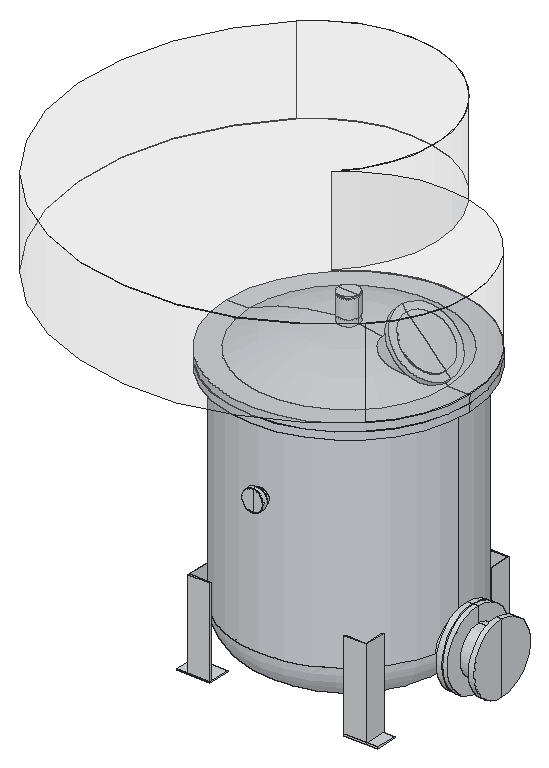
Revit family "Aquarevival_BSG60T", category Mechanical Equipment, Revit 2018
Family settings
  Round Connector Dimension = Use Diameter
  Part Type = Normal
  OmniClass Number = 23.75.00.00
  OmniClass Title = Climate Control (HVAC)
  Work Plane-Based = No
  Always vertical = Yes
  Cut with Voids When Loaded = No
  Shared = No
  Room Calculation Point = No
Parameters
  Panel Location (0-4) [instance] = 0
  Panel 4 [instance] = [Panel Location (0-4)] = 4  # no
  Panel 3 [instance] = [Panel Location (0-4)] = 3  # no
  Panel 2 [instance] = [Panel Location (0-4)] = 2  # no
  Panel 1 [instance] = not(or([Panel Location (0-4)] = 2, [Panel Location (0-4)] = 3, [Panel Location (0-4)] = 4, [Panel Location (0-4)] = 0))  # no
  Outlet = 1' - 0"
  Model = "BSG60T"
  Manufacturer = "Aqua Revival LLC"
  Keynote = ""
  Inlet = 1' - 0"
  Filter Discharge Rotation [instance] = 0.00°
  Filter Clearance Rotation [instance] = 0.00°
  Drain = 0' - 6"
  Description = "Regenerative Media Filter"
Reference planes (in)
  plane 1 "Center (Front/Back)": y = 0
  plane 2: z = 0
  plane 3 "Center (Left/Right)": x = 0
Forms (in)
  Revolve 1, solid
    sketch origin (0, 0, 12) x (1, 0, 0) y (0, 0, 1)
      loop
        line (-0.00004, -11.74395) -> (-0.00004, 79.11535) -> (-2.75, 79.11535) -> (-2.75, 78.90796)
        arc (-2.75, 78.90796) -> (-2.7402, 78.72177) -> (-2.75, 78.53557) r 1.77355
        line (-2.75, 78.53557) -> (-2.75, 73.55285)
        arc (-2.75, 73.55285) -> (-2.66107, 72.73452) -> (-2.75254, 71.91647) r 3.75596
        arc (-2.75254, 71.91647) -> (-15.22915, 69.9577) -> (-26.99139, 65.35855) r 58.3125
        line (-26.99139, 65.35855) -> (-33, 65.35855) -> (-33, 63.35855) -> (-32.83532, 63.35855) -> (-32.83532, 63.29604) -> (-33, 63.29604) -> (-33, 61.35855) -> (-30, 61.35855) -> (-30, 4.15913)
        arc (-30, 4.15913) -> (-28.64017, -0.92922) -> (-24.92327, -4.66086) r 10.2
        arc (-24.92327, -4.66086) -> (-12.90548, -9.76409) -> (-0.00004, -11.74395) r 52.5
      axis (0, 79.11535) -> (0, -11.74395)
    angle from 0 to 360
  Revolve 2, solid
    sketch origin (-19.98075, 0, 2.05319) x (1, 0, 0) y (0, 0, 1)
      loop
        line (-14.12767, 5.39286) -> (15.58828, 5.39286) -> (15.58828, 8.70536) -> (-13.12766, 8.70536) -> (-13.12766, 10.89286) -> (-14.12767, 10.89286) -> (-14.12767, 5.39286)
      axis (-14.12767, 5.39286) -> (15.58828, 5.39286)
    angle from 0 to 360
  Extrusion 3, solid
    sketch origin (-19.98075, 0, 2.05319) x (0, 1, 0) y (0, 0, 1)
      loop
        circle (0, 5.39286) r 4.25
    from -14.26766 to -14.12767
  Revolve 4, solid
    sketch origin (0, -73.24083, 8.85908) x (0, 1, 0) y (0, 0, 1)
      loop
        line (40.62187, 45.49946) -> (44.12187, 45.49946) -> (44.12187, 47.76786) -> (42.49057, 47.76786) -> (42.39687, 47.86156) -> (42.39687, 48.01786) -> (41.87187, 48.01786) -> (41.87187, 48.41208) -> (40.71557, 48.41208) -> (40.62187, 48.31823) -> (40.62187, 45.49946)
      axis (40.62187, 45.49946) -> (44.12187, 45.49946)
    angle from 0 to 360
  Extrusion 5, solid, visible <- "Panel 1"
    sketch origin (-11.71768, -16.28786, 19.49376) x (1, 0, 0) y (0, 1, 0)
      loop
        line (-26.32299, -12.86214) -> (-26.32299, -13.11014) -> (-27.35099, -13.11014) -> (-27.35099, -13.77514)
        arc (-27.35099, -13.77514) -> (-27.30413, -13.88828) -> (-27.19099, -13.93514) r 0.16
        line (-27.19099, -13.93514) -> (-11.87099, -13.93514)
        arc (-11.87099, -13.93514) -> (-11.76846, -13.89267) -> (-11.72599, -13.79014) r 0.145
        line (-11.72599, -13.79014) -> (-11.72599, -13.11014) -> (-12.65099, -13.11014) -> (-12.65099, -12.86215) -> (-11.62098, -12.86215)
        arc (-11.62098, -12.86215) -> (-11.51852, -12.81975) -> (-11.47597, -12.71735) r 0.14501
        line (-11.47597, -12.71735) -> (-11.47597, -7.00721)
        arc (-11.47597, -7.00721) -> (-11.51845, -6.90466) -> (-11.62101, -6.86218) r 0.14504
        line (-11.62101, -6.86218) -> (-27.331, -6.86218)
        arc (-27.331, -6.86218) -> (-27.43352, -6.90464) -> (-27.47598, -7.00716) r 0.14498
        line (-27.47598, -7.00716) -> (-27.47598, -12.71714)
        arc (-27.47598, -12.71714) -> (-27.43351, -12.81967) -> (-27.33099, -12.86214) r 0.145
        line (-27.33099, -12.86214) -> (-26.32299, -12.86214)
    from 35.1762 to 51.1012
  Extrusion 6, solid, visible <- "Panel 1"
    sketch origin (-11.73268, -16.28786, 19.49376) x (1, 0, 0) y (0, 1, 0)
      loop
        line (-27.47599, -6.86218) -> (-7.34809, -6.86218)
        arc (-7.34809, -6.86218) -> (-10.32001, -4.05124) -> (-12.8819, -0.86214) r 30
        line (-12.8819, -0.86214) -> (-27.47599, -0.86214) -> (-27.47599, -6.86218)
    from 50.9012 to 51.1012
  Extrusion 7, solid, visible <- "Panel 1"
    sketch origin (-11.73268, -16.28786, 19.49376) x (0, 1, 0) y (0, 0, 1)
      loop
        line (-6.86218, 50.9012) -> (-6.86218, 49.53074) -> (-6.61218, 49.53074) -> (-6.61218, 50.9012) -> (-6.86218, 50.9012)
    from -27.47599 to -7.27396
  Extrusion 8, solid, visible <- "Panel 1"
    sketch origin (-11.73268, -16.28786, 105.70043) x (0, 1, 0) y (0, 0, 1)
      loop
        line (-6.86218, -50.9012) -> (-6.61218, -50.9012) -> (-6.61218, -49.53074) -> (-6.86218, -49.53074) -> (-6.86218, -50.9012)
    from -27.47599 to -7.27396
  Revolve 9, solid, visible <- "Panel 1"
    sketch origin (-31.21974, -77.82885, 19.49376) x (0, -1, 0) y (0, 0, 1)
      loop
        line (-45.98085, 39.52627) -> (-45.98085, 40.27627)
        arc (-45.98085, 40.27627) -> (-46.1273, 40.62983) -> (-46.48085, 40.77627) r 0.5
        line (-46.48085, 40.77627) -> (-46.60585, 40.77627) -> (-46.60585, 40.02627) -> (-47.35585, 40.02627) -> (-47.35585, 40.10855) -> (-47.60585, 40.10855) -> (-47.60585, 39.52627) -> (-45.98085, 39.52627)
      axis (-47.60585, 39.52627) -> (-45.98085, 39.52627)
    angle from 0 to 360
  Extrusion 10, solid, visible <- "Panel 1"
    sketch origin (-11.73268, -16.28786, 3.69804) x (1, 0, 0) y (0, 1, 0)
      loop
        line (-27.47599, -6.86218) -> (-7.34809, -6.86218)
        arc (-7.34809, -6.86218) -> (-10.32001, -4.05124) -> (-12.8819, -0.86214) r 30
        line (-12.8819, -0.86214) -> (-27.47599, -0.86214) -> (-27.47599, -6.86218)
    from 50.9012 to 51.1012
  Extrusion 11, solid
    sketch origin (0, 0, 0) x (0, 1, 0) y (-1, 0, 0)
      loop
        line (18.21343, 27.21343) -> (18.21343, 18.21343) -> (24.21343, 18.21343) -> (24.21343, 27.21343) -> (18.21343, 27.21343)
      loop
        line (18.21343, -27.21343) -> (24.21343, -27.21343) -> (24.21343, -18.21343) -> (18.21343, -18.21343) -> (18.21343, -27.21343)
      loop
        line (-18.21343, -27.21343) -> (-18.21343, -18.21343) -> (-24.21343, -18.21343) -> (-24.21343, -27.21343) -> (-18.21343, -27.21343)
      loop
        line (-18.21343, 27.21343) -> (-24.21343, 27.21343) -> (-24.21343, 18.21343) -> (-18.21343, 18.21343) -> (-18.21343, 27.21343)
    from 0 to 0.25
  Extrusion 12, solid
    sketch origin (0, 0, 0) x (0, 1, 0) y (-1, 0, 0)
      loop
        line (-24.21343, 18.21343) -> (-23.96343, 18.21343) -> (-23.96343, 23.96343) -> (-18.21343, 23.96343) -> (-18.21343, 24.21343) -> (-24.21343, 24.21343) -> (-24.21343, 18.21343)
      loop
        line (-24.21343, -18.21343) -> (-24.21343, -24.21343) -> (-18.21343, -24.21343) -> (-18.21343, -23.96343) -> (-23.96343, -23.96343) -> (-23.96343, -18.21343) -> (-24.21343, -18.21343)
      loop
        line (24.21343, 18.21343) -> (24.21343, 24.21343) -> (18.21343, 24.21343) -> (18.21343, 23.96343) -> (23.96343, 23.96343) -> (23.96343, 18.21343) -> (24.21343, 18.21343)
      loop
        line (24.21343, -18.21343) -> (23.96343, -18.21343) -> (23.96343, -23.96343) -> (18.21343, -23.96343) -> (18.21343, -24.21343) -> (24.21343, -24.21343) -> (24.21343, -18.21343)
    from 0.25 to 24.25
  Revolve 13, solid
    sketch origin (0, 0, 0) x (1, 0, 0) y (0, 0, 1)
      loop
        line (41.61159, 16.35855) -> (41.61159, 25.85855) -> (40.23659, 25.85855) -> (40.23659, 22.73355) -> (35.25436, 22.73355) -> (35.25436, 26.85855) -> (33.87936, 26.85855) -> (33.87936, 26.76329) -> (33.80407, 26.76329) -> (33.80407, 26.85855) -> (32.27936, 26.85855) -> (32.27936, 23.35855) -> (25.61159, 23.35855) -> (25.61159, 16.35855) -> (41.61159, 16.35855)
      axis (41.61159, 16.35855) -> (25.61159, 16.35855)
    angle from 0 to 360
  Extrusion 14, solid, visible <- "Panel 2"
    sketch origin (11.71768, -16.28786, 19.49376) x (-1, 0, 0) y (0, -1, 0)
      loop
        line (-26.32299, 12.86214) -> (-27.33099, 12.86214)
        arc (-27.33099, 12.86214) -> (-27.43351, 12.81967) -> (-27.47598, 12.71714) r 0.145
        line (-27.47598, 12.71714) -> (-27.47598, 7.00716)
        arc (-27.47598, 7.00716) -> (-27.43352, 6.90464) -> (-27.331, 6.86218) r 0.14498
        line (-27.331, 6.86218) -> (-11.62101, 6.86218)
        arc (-11.62101, 6.86218) -> (-11.51845, 6.90466) -> (-11.47597, 7.00721) r 0.14504
        line (-11.47597, 7.00721) -> (-11.47597, 12.71735)
        arc (-11.47597, 12.71735) -> (-11.51852, 12.81975) -> (-11.62098, 12.86215) r 0.14501
        line (-11.62098, 12.86215) -> (-12.65099, 12.86215) -> (-12.65099, 13.11014) -> (-11.72599, 13.11014) -> (-11.72599, 13.79014)
        arc (-11.72599, 13.79014) -> (-11.76846, 13.89267) -> (-11.87099, 13.93514) r 0.145
        line (-11.87099, 13.93514) -> (-27.19099, 13.93514)
        arc (-27.19099, 13.93514) -> (-27.30413, 13.88828) -> (-27.35099, 13.77514) r 0.16
        line (-27.35099, 13.77514) -> (-27.35099, 13.11014) -> (-26.32299, 13.11014) -> (-26.32299, 12.86214)
    from 35.1762 to 51.1012
  Extrusion 15, solid, visible <- "Panel 2"
    sketch origin (11.73268, -16.28786, 19.49376) x (-1, 0, 0) y (0, -1, 0)
      loop
        line (-27.47599, 6.86218) -> (-27.47599, 0.86214) -> (-12.8819, 0.86214)
        arc (-12.8819, 0.86214) -> (-10.32001, 4.05124) -> (-7.34809, 6.86218) r 30
        line (-7.34809, 6.86218) -> (-27.47599, 6.86218)
    from 50.9012 to 51.1012
  Extrusion 16, solid, visible <- "Panel 2"
    sketch origin (11.73268, -16.28786, 19.49376) x (0, 1, 0) y (0, 0, -1)
      loop
        line (-6.86218, -50.9012) -> (-6.61218, -50.9012) -> (-6.61218, -49.53074) -> (-6.86218, -49.53074) -> (-6.86218, -50.9012)
    from -27.47599 to -7.27396
  Extrusion 17, solid, visible <- "Panel 2"
    sketch origin (11.73268, -16.28786, 105.70043) x (0, 1, 0) y (0, 0, -1)
      loop
        line (-6.86218, 50.9012) -> (-6.86218, 49.53074) -> (-6.61218, 49.53074) -> (-6.61218, 50.9012) -> (-6.86218, 50.9012)
    from -27.47599 to -7.27396
  Revolve 18, solid, visible <- "Panel 2"
    sketch origin (31.21974, -77.82885, 19.49376) x (0, -1, 0) y (0, 0, -1)
      loop
        line (-45.98085, -39.52627) -> (-47.60585, -39.52627) -> (-47.60585, -40.10855) -> (-47.35585, -40.10855) -> (-47.35585, -40.02627) -> (-46.60585, -40.02627) -> (-46.60585, -40.77627) -> (-46.48085, -40.77627)
        arc (-46.48085, -40.77627) -> (-46.1273, -40.62983) -> (-45.98085, -40.27627) r 0.5
        line (-45.98085, -40.27627) -> (-45.98085, -39.52627)
      axis (-47.60585, -39.52627) -> (-45.98085, -39.52627)
    angle from 0 to 360
  Extrusion 19, solid, visible <- "Panel 2"
    sketch origin (11.73268, -16.28786, 3.69804) x (-1, 0, 0) y (0, -1, 0)
      loop
        line (-27.47599, 6.86218) -> (-27.47599, 0.86214) -> (-12.8819, 0.86214)
        arc (-12.8819, 0.86214) -> (-10.32001, 4.05124) -> (-7.34809, 6.86218) r 30
        line (-7.34809, 6.86218) -> (-27.47599, 6.86218)
    from 50.9012 to 51.1012
  Extrusion 20, solid, visible <- "Panel 4"
    sketch origin (-11.71768, 16.28786, 19.49376) x (1, 0, 0) y (0, 1, 0)
      loop
        line (-26.32299, 12.86214) -> (-27.33099, 12.86214)
        arc (-27.33099, 12.86214) -> (-27.43351, 12.81967) -> (-27.47598, 12.71714) r 0.145
        line (-27.47598, 12.71714) -> (-27.47598, 7.00716)
        arc (-27.47598, 7.00716) -> (-27.43352, 6.90464) -> (-27.331, 6.86218) r 0.14498
        line (-27.331, 6.86218) -> (-11.62101, 6.86218)
        arc (-11.62101, 6.86218) -> (-11.51845, 6.90466) -> (-11.47597, 7.00721) r 0.14504
        line (-11.47597, 7.00721) -> (-11.47597, 12.71735)
        arc (-11.47597, 12.71735) -> (-11.51852, 12.81975) -> (-11.62098, 12.86215) r 0.14501
        line (-11.62098, 12.86215) -> (-12.65099, 12.86215) -> (-12.65099, 13.11014) -> (-11.72599, 13.11014) -> (-11.72599, 13.79014)
        arc (-11.72599, 13.79014) -> (-11.76846, 13.89267) -> (-11.87099, 13.93514) r 0.145
        line (-11.87099, 13.93514) -> (-27.19099, 13.93514)
        arc (-27.19099, 13.93514) -> (-27.30413, 13.88828) -> (-27.35099, 13.77514) r 0.16
        line (-27.35099, 13.77514) -> (-27.35099, 13.11014) -> (-26.32299, 13.11014) -> (-26.32299, 12.86214)
    from 35.1762 to 51.1012
  Extrusion 21, solid, visible <- "Panel 4"
    sketch origin (-11.73268, 16.28786, 19.49376) x (1, 0, 0) y (0, 1, 0)
      loop
        line (-27.47599, 6.86218) -> (-27.47599, 0.86214) -> (-12.8819, 0.86214)
        arc (-12.8819, 0.86214) -> (-10.32001, 4.05124) -> (-7.34809, 6.86218) r 30
        line (-7.34809, 6.86218) -> (-27.47599, 6.86218)
    from 50.9012 to 51.1012
  Extrusion 22, solid, visible <- "Panel 4"
    sketch origin (-11.73268, 16.28786, 19.49376) x (0, -1, 0) y (0, 0, -1)
      loop
        line (-6.86218, -50.9012) -> (-6.61218, -50.9012) -> (-6.61218, -49.53074) -> (-6.86218, -49.53074) -> (-6.86218, -50.9012)
    from -27.47599 to -7.27396
  Extrusion 23, solid, visible <- "Panel 4"
    sketch origin (-11.73268, 16.28786, 105.70043) x (0, -1, 0) y (0, 0, -1)
      loop
        line (-6.86218, 50.9012) -> (-6.86218, 49.53074) -> (-6.61218, 49.53074) -> (-6.61218, 50.9012) -> (-6.86218, 50.9012)
    from -27.47599 to -7.27396
  Revolve 24, solid, visible <- "Panel 4"
    sketch origin (-31.21974, 77.82885, 19.49376) x (0, 1, 0) y (0, 0, -1)
      loop
        line (-45.98085, -39.52627) -> (-47.60585, -39.52627) -> (-47.60585, -40.10855) -> (-47.35585, -40.10855) -> (-47.35585, -40.02627) -> (-46.60585, -40.02627) -> (-46.60585, -40.77627) -> (-46.48085, -40.77627)
        arc (-46.48085, -40.77627) -> (-46.1273, -40.62983) -> (-45.98085, -40.27627) r 0.5
        line (-45.98085, -40.27627) -> (-45.98085, -39.52627)
      axis (-47.60585, -39.52627) -> (-45.98085, -39.52627)
    angle from 0 to 360
  Extrusion 25, solid, visible <- "Panel 4"
    sketch origin (-11.73268, 16.28786, 3.69804) x (1, 0, 0) y (0, 1, 0)
      loop
        line (-27.47599, 6.86218) -> (-27.47599, 0.86214) -> (-12.8819, 0.86214)
        arc (-12.8819, 0.86214) -> (-10.32001, 4.05124) -> (-7.34809, 6.86218) r 30
        line (-7.34809, 6.86218) -> (-27.47599, 6.86218)
    from 50.9012 to 51.1012
  Extrusion 26, solid, visible <- "Panel 3"
    sketch origin (11.71768, 16.28786, 19.49376) x (-1, 0, 0) y (0, -1, 0)
      loop
        line (-26.32299, -12.86214) -> (-26.32299, -13.11014) -> (-27.35099, -13.11014) -> (-27.35099, -13.77514)
        arc (-27.35099, -13.77514) -> (-27.30413, -13.88828) -> (-27.19099, -13.93514) r 0.16
        line (-27.19099, -13.93514) -> (-11.87099, -13.93514)
        arc (-11.87099, -13.93514) -> (-11.76846, -13.89267) -> (-11.72599, -13.79014) r 0.145
        line (-11.72599, -13.79014) -> (-11.72599, -13.11014) -> (-12.65099, -13.11014) -> (-12.65099, -12.86215) -> (-11.62098, -12.86215)
        arc (-11.62098, -12.86215) -> (-11.51852, -12.81975) -> (-11.47597, -12.71735) r 0.14501
        line (-11.47597, -12.71735) -> (-11.47597, -7.00721)
        arc (-11.47597, -7.00721) -> (-11.51845, -6.90466) -> (-11.62101, -6.86218) r 0.14504
        line (-11.62101, -6.86218) -> (-27.331, -6.86218)
        arc (-27.331, -6.86218) -> (-27.43352, -6.90464) -> (-27.47598, -7.00716) r 0.14498
        line (-27.47598, -7.00716) -> (-27.47598, -12.71714)
        arc (-27.47598, -12.71714) -> (-27.43351, -12.81967) -> (-27.33099, -12.86214) r 0.145
        line (-27.33099, -12.86214) -> (-26.32299, -12.86214)
    from 35.1762 to 51.1012
  Extrusion 27, solid, visible <- "Panel 3"
    sketch origin (11.73268, 16.28786, 19.49376) x (-1, 0, 0) y (0, -1, 0)
      loop
        line (-27.47599, -6.86218) -> (-7.34809, -6.86218)
        arc (-7.34809, -6.86218) -> (-10.32001, -4.05124) -> (-12.8819, -0.86214) r 30
        line (-12.8819, -0.86214) -> (-27.47599, -0.86214) -> (-27.47599, -6.86218)
    from 50.9012 to 51.1012
  Extrusion 28, solid, visible <- "Panel 3"
    sketch origin (11.73268, 16.28786, 19.49376) x (0, -1, 0) y (0, 0, 1)
      loop
        line (-6.86218, 50.9012) -> (-6.86218, 49.53074) -> (-6.61218, 49.53074) -> (-6.61218, 50.9012) -> (-6.86218, 50.9012)
    from -27.47599 to -7.27396
  Extrusion 29, solid, visible <- "Panel 3"
    sketch origin (11.73268, 16.28786, 105.70043) x (0, -1, 0) y (0, 0, 1)
      loop
        line (-6.86218, -50.9012) -> (-6.61218, -50.9012) -> (-6.61218, -49.53074) -> (-6.86218, -49.53074) -> (-6.86218, -50.9012)
    from -27.47599 to -7.27396
  Revolve 30, solid, visible <- "Panel 3"
    sketch origin (31.21974, 77.82885, 19.49376) x (0, 1, 0) y (0, 0, 1)
      loop
        line (-45.98085, 39.52627) -> (-45.98085, 40.27627)
        arc (-45.98085, 40.27627) -> (-46.1273, 40.62983) -> (-46.48085, 40.77627) r 0.5
        line (-46.48085, 40.77627) -> (-46.60585, 40.77627) -> (-46.60585, 40.02627) -> (-47.35585, 40.02627) -> (-47.35585, 40.10855) -> (-47.60585, 40.10855) -> (-47.60585, 39.52627) -> (-45.98085, 39.52627)
      axis (-47.60585, 39.52627) -> (-45.98085, 39.52627)
    angle from 0 to 360
  Extrusion 31, solid, visible <- "Panel 3"
    sketch origin (11.73268, 16.28786, 3.69804) x (-1, 0, 0) y (0, -1, 0)
      loop
        line (-27.47599, -6.86218) -> (-7.34809, -6.86218)
        arc (-7.34809, -6.86218) -> (-10.32001, -4.05124) -> (-12.8819, -0.86214) r 30
        line (-12.8819, -0.86214) -> (-27.47599, -0.86214) -> (-27.47599, -6.86218)
    from 50.9012 to 51.1012
Cuts and joins
  joined: Revolve 1, Revolve 2, Revolve 4, Revolve 13
Lines and regions (in)
  reference lines
    curve 1: line (0, 0, 0) -> (19, 0, 0)
    curve 2: line (0, 0, 0) -> (0, 19, 0)
  model lines, visible <- "Panel 1"
    curve 3: line (-35.82207, -30.223, 67.95236) -> (-27.44381, -30.223, 67.95236)
    curve 4: line (-35.82207, -30.223, 62.23511) -> (-35.82207, -30.223, 67.95236)
    curve 5: line (-27.44381, -30.223, 62.23511) -> (-35.82207, -30.223, 62.23511)
    curve 6: line (-27.44381, -30.223, 67.95236) -> (-27.44381, -30.223, 62.23511)
    curve 7: line (-28.54239, -30.223, 63.34176) -> (-34.72349, -30.223, 63.34176)
    curve 8: line (-28.54239, -30.223, 66.8457) -> (-28.54239, -30.223, 63.34176)
    curve 9: line (-34.72349, -30.223, 66.8457) -> (-28.54239, -30.223, 66.8457)
    curve 10: line (-34.72349, -30.223, 63.34176) -> (-34.72349, -30.223, 66.8457)
    curve 11: arc (-25.69597, -30.223, 63.14385) -> (-26.24715, -30.223, 62.59266) -> (-25.69597, -30.223, 62.04148) r 0.55118
    curve 12: arc (-25.69597, -30.223, 62.04148) -> (-25.14479, -30.223, 62.59266) -> (-25.69597, -30.223, 63.14385) r 0.55118
    curve 13: arc (-25.69597, -30.223, 62.15959) -> (-25.2629, -30.223, 62.59266) -> (-25.69597, -30.223, 63.02574) r 0.43307
    curve 14: arc (-25.69597, -30.223, 63.02574) -> (-26.12904, -30.223, 62.59266) -> (-25.69597, -30.223, 62.15959) r 0.43307
    curve 15: arc (-25.69597, -30.223, 62.9214) -> (-26.02471, -30.223, 62.59266) -> (-25.69597, -30.223, 62.26392) r 0.32874
    curve 16: arc (-25.69597, -30.223, 62.26392) -> (-25.36723, -30.223, 62.59266) -> (-25.69597, -30.223, 62.9214) r 0.32874
    curve 17: line (-26.00607, -30.223, 62.64778) -> (-25.38587, -30.223, 62.64778)
    curve 18: line (-25.38587, -30.223, 62.53755) -> (-26.00607, -30.223, 62.53755)
  model lines, visible <- "Panel 2"
    curve 19: line (35.82207, -30.223, 67.95236) -> (27.44381, -30.223, 67.95236)
    curve 20: line (35.82207, -30.223, 62.23511) -> (35.82207, -30.223, 67.95236)
    curve 21: line (27.44381, -30.223, 62.23511) -> (35.82207, -30.223, 62.23511)
    curve 22: line (27.44381, -30.223, 67.95236) -> (27.44381, -30.223, 62.23511)
    curve 23: line (28.54239, -30.223, 63.34176) -> (34.72349, -30.223, 63.34176)
    curve 24: line (28.54239, -30.223, 66.8457) -> (28.54239, -30.223, 63.34176)
    curve 25: line (34.72349, -30.223, 66.8457) -> (28.54239, -30.223, 66.8457)
    curve 26: line (34.72349, -30.223, 63.34176) -> (34.72349, -30.223, 66.8457)
    curve 27: arc (25.69597, -30.223, 63.14385) -> (26.24715, -30.223, 62.59266) -> (25.69597, -30.223, 62.04148) r 0.55118
    curve 28: arc (25.69597, -30.223, 62.04148) -> (25.14479, -30.223, 62.59266) -> (25.69597, -30.223, 63.14385) r 0.55118
    curve 29: arc (25.69597, -30.223, 62.15959) -> (25.2629, -30.223, 62.59266) -> (25.69597, -30.223, 63.02574) r 0.43307
    curve 30: arc (25.69597, -30.223, 63.02574) -> (26.12904, -30.223, 62.59266) -> (25.69597, -30.223, 62.15959) r 0.43307
    curve 31: arc (25.69597, -30.223, 62.9214) -> (26.02471, -30.223, 62.59266) -> (25.69597, -30.223, 62.26392) r 0.32874
    curve 32: arc (25.69597, -30.223, 62.26392) -> (25.36723, -30.223, 62.59266) -> (25.69597, -30.223, 62.9214) r 0.32874
    curve 33: line (26.00607, -30.223, 62.64778) -> (25.38587, -30.223, 62.64778)
    curve 34: line (25.38587, -30.223, 62.53755) -> (26.00607, -30.223, 62.53755)
  model lines, visible <- "Panel 4"
    curve 35: line (-35.82207, 30.223, 67.95236) -> (-27.44381, 30.223, 67.95236)
    curve 36: line (-35.82207, 30.223, 62.23511) -> (-35.82207, 30.223, 67.95236)
    curve 37: line (-27.44381, 30.223, 62.23511) -> (-35.82207, 30.223, 62.23511)
    curve 38: line (-27.44381, 30.223, 67.95236) -> (-27.44381, 30.223, 62.23511)
    curve 39: line (-28.54239, 30.223, 63.34176) -> (-34.72349, 30.223, 63.34176)
    curve 40: line (-28.54239, 30.223, 66.8457) -> (-28.54239, 30.223, 63.34176)
    curve 41: line (-34.72349, 30.223, 66.8457) -> (-28.54239, 30.223, 66.8457)
    curve 42: line (-34.72349, 30.223, 63.34176) -> (-34.72349, 30.223, 66.8457)
    curve 43: arc (-25.69597, 30.223, 63.14385) -> (-26.24715, 30.223, 62.59266) -> (-25.69597, 30.223, 62.04148) r 0.55118
    curve 44: arc (-25.69597, 30.223, 62.04148) -> (-25.14479, 30.223, 62.59266) -> (-25.69597, 30.223, 63.14385) r 0.55118
    curve 45: arc (-25.69597, 30.223, 62.15959) -> (-25.2629, 30.223, 62.59266) -> (-25.69597, 30.223, 63.02574) r 0.43307
    curve 46: arc (-25.69597, 30.223, 63.02574) -> (-26.12904, 30.223, 62.59266) -> (-25.69597, 30.223, 62.15959) r 0.43307
    curve 47: arc (-25.69597, 30.223, 62.9214) -> (-26.02471, 30.223, 62.59266) -> (-25.69597, 30.223, 62.26392) r 0.32874
    curve 48: arc (-25.69597, 30.223, 62.26392) -> (-25.36723, 30.223, 62.59266) -> (-25.69597, 30.223, 62.9214) r 0.32874
    curve 49: line (-26.00607, 30.223, 62.64778) -> (-25.38587, 30.223, 62.64778)
    curve 50: line (-25.38587, 30.223, 62.53755) -> (-26.00607, 30.223, 62.53755)
  model lines, visible <- "Panel 3"
    curve 51: line (35.82207, 30.223, 67.95236) -> (27.44381, 30.223, 67.95236)
    curve 52: line (35.82207, 30.223, 62.23511) -> (35.82207, 30.223, 67.95236)
    curve 53: line (27.44381, 30.223, 62.23511) -> (35.82207, 30.223, 62.23511)
    curve 54: line (27.44381, 30.223, 67.95236) -> (27.44381, 30.223, 62.23511)
    curve 55: line (28.54239, 30.223, 63.34176) -> (34.72349, 30.223, 63.34176)
    curve 56: line (28.54239, 30.223, 66.8457) -> (28.54239, 30.223, 63.34176)
    curve 57: line (34.72349, 30.223, 66.8457) -> (28.54239, 30.223, 66.8457)
    curve 58: line (34.72349, 30.223, 63.34176) -> (34.72349, 30.223, 66.8457)
    curve 59: arc (25.69597, 30.223, 63.14385) -> (26.24715, 30.223, 62.59266) -> (25.69597, 30.223, 62.04148) r 0.55118
    curve 60: arc (25.69597, 30.223, 62.04148) -> (25.14479, 30.223, 62.59266) -> (25.69597, 30.223, 63.14385) r 0.55118
    curve 61: arc (25.69597, 30.223, 62.15959) -> (25.2629, 30.223, 62.59266) -> (25.69597, 30.223, 63.02574) r 0.43307
    curve 62: arc (25.69597, 30.223, 63.02574) -> (26.12904, 30.223, 62.59266) -> (25.69597, 30.223, 62.15959) r 0.43307
    curve 63: arc (25.69597, 30.223, 62.9214) -> (26.02471, 30.223, 62.59266) -> (25.69597, 30.223, 62.26392) r 0.32874
    curve 64: arc (25.69597, 30.223, 62.26392) -> (25.36723, 30.223, 62.59266) -> (25.69597, 30.223, 62.9214) r 0.32874
    curve 65: line (26.00607, 30.223, 62.64778) -> (25.38587, 30.223, 62.64778)
    curve 66: line (25.38587, 30.223, 62.53755) -> (26.00607, 30.223, 62.53755)
Dimensions and locks (in)
  "Filter Discharge Rotation": angle plane 1 "Center (Front/Back)" to curve 1
  "Filter Clearance Rotation": angle curve 2 to plane 3 "Center (Left/Right)"
  aligned and locked: level to plane 2
  aligned and locked: plane 3 "Center (Left/Right)" to curve 2
  aligned and locked: plane 1 "Center (Front/Back)" to curve 2
Automatic sketch dimensions
  Revolve 1 sketch curve to plane 3 "Center (Left/Right)" = 0' - 0"  (x2)
  Revolve 1 sketch curve to Revolve 1 sketch curve = 0' - 0.16468"  (x2)
  Revolve 1 sketch curve to plane 3 "Center (Left/Right)" = 0' - 4.51375"
  Revolve 1 sketch curve to Revolve 1 sketch curve = 0' - 1.76375"
  Revolve 1 sketch curve to Revolve 1 sketch curve = 0' - 0"  (x3)
  Revolve 1 sketch curve to plane 3 "Center (Left/Right)" = 0' - 0.00004"
  plane 3 "Center (Left/Right)" to Revolve 1 sketch curve = 0' - 1.4465"
  level to Revolve 1 sketch curve = 0' - 0.25605"
  Revolve 1 sketch curve to Revolve 1 sketch curve = 2' - 1.41292"
  level to Revolve 1 sketch curve = 1' - 4.15913"
  Revolve 1 sketch curve to Revolve 1 sketch curve = 2' - 3.06715"
  Revolve 1 sketch curve to Revolve 1 sketch curve = 1' - 8.62243"
  Revolve 1 sketch curve to Revolve 1 sketch curve = 0' - 1 15/16"
  Revolve 1 sketch curve to Revolve 1 sketch curve = 0' - 0 1/16"
  Revolve 1 sketch curve to Revolve 1 sketch curve = 0' - 2"
  Revolve 1 sketch curve to Revolve 1 sketch curve = 2' - 8.00424"
  Revolve 1 sketch curve to Revolve 1 sketch curve = 0' - 0 13/16"
  Revolve 1 sketch curve to Revolve 1 sketch curve = 0' - 4.98272"
  Revolve 1 sketch curve to Revolve 1 sketch curve = 0' - 0.18619"
  Revolve 1 sketch curve to Revolve 1 sketch curve = 0' - 0.20739"
  Revolve 1 sketch curve to Revolve 1 sketch curve = 1' - 4.34889"
  Revolve 1 sketch curve to Revolve 1 sketch curve = 0' - 10"
  Revolve 2 sketch curve to Revolve 2 sketch curve = 0' - 1"
  Revolve 2 sketch curve to plane 3 "Center (Left/Right)" = 0' - 4.39247"
  level to Revolve 2 sketch curve = 0' - 7.44605"
  Revolve 2 sketch curve to Revolve 2 sketch curve = 0' - 3 5/16"
  Revolve 2 sketch curve to Revolve 2 sketch curve = 0' - 2 3/16"
  Revolve 2 sketch curve to Revolve 2 sketch curve = 0' - 2 1/4"
  Revolve 2 sketch curve to Revolve 2 sketch curve = 0' - 0"
  Extrusion 3 sketch curve to plane 1 "Center (Front/Back)" = 0' - 0"
  level to Extrusion 3 sketch curve = 0' - 7.44605"
  plane 1 "Center (Front/Back)" to Revolve 4 sketch curve = 2' - 8.61896"
  Revolve 4 sketch curve to Revolve 4 sketch curve = 0' - 0.0937"  (x4)
  Revolve 4 sketch curve to Revolve 4 sketch curve = 0' - 1.1563"
  Revolve 4 sketch curve to Revolve 4 sketch curve = 0' - 0.525"
  Revolve 4 sketch curve to Revolve 4 sketch curve = 0' - 1.6313"
  level to Revolve 4 sketch curve = 4' - 6.35855"
  Revolve 4 sketch curve to Revolve 4 sketch curve = 0' - 2.26839"
  Revolve 4 sketch curve to Revolve 4 sketch curve = 0' - 0.1563"
  Revolve 4 sketch curve to Revolve 4 sketch curve = 0' - 0.30037"
  Revolve 4 sketch curve to Revolve 4 sketch curve = 0' - 0.09385"
  Revolve 4 sketch curve to Revolve 4 sketch curve = 0' - 1"
  Revolve 4 sketch curve to Revolve 4 sketch curve = 0' - 0"
  Extrusion 5 sketch curve to Extrusion 5 sketch curve = 0' - 0 1/8"
  Extrusion 5 sketch curve to Extrusion 5 sketch curve = 0' - 0.14498"
  Extrusion 5 sketch curve to Extrusion 5 sketch curve = 0' - 0.145"  (x2)
  Extrusion 5 sketch curve to Extrusion 5 sketch curve = 0' - 0.16"
  Extrusion 5 sketch curve to Extrusion 5 sketch curve = 0' - 1.028"
  Extrusion 5 sketch curve to Extrusion 5 sketch curve = 0' - 0.78"
  Extrusion 5 sketch curve to Extrusion 5 sketch curve = 0' - 1.02998"
  Extrusion 5 sketch curve to Extrusion 5 sketch curve = 0' - 0.10501"
  Extrusion 5 sketch curve to Extrusion 5 sketch curve = 0' - 0.14501"
  plane 1 "Center (Front/Back)" to Extrusion 5 sketch curve = 2' - 6.223"
  Extrusion 5 sketch curve to Extrusion 5 sketch curve = 0' - 0.665"
  Extrusion 5 sketch curve to Extrusion 5 sketch curve = 0' - 0.68"
  Extrusion 5 sketch curve to Extrusion 5 sketch curve = 0' - 0.24799"
  Extrusion 5 sketch curve to Extrusion 5 sketch curve = 0' - 0.248"
  Extrusion 5 sketch curve to Extrusion 5 sketch curve = 0' - 0.14479"
  Extrusion 5 sketch curve to Extrusion 5 sketch curve = 0' - 5.70992"
  plane 1 "Center (Front/Back)" to Extrusion 6 sketch curve = 0' - 0"
  Extrusion 6 sketch curve to plane 3 "Center (Left/Right)" = 0' - 0"
  plane 1 "Center (Front/Back)" to Extrusion 6 sketch curve = 1' - 5.15"
  plane 1 "Center (Front/Back)" to Extrusion 7 sketch curve = 1' - 11.15004"
  Extrusion 7 sketch curve to Extrusion 7 sketch curve = 0' - 0 1/4"
  level to Extrusion 7 sketch curve = 5' - 9.02451"
  Extrusion 7 sketch curve to Extrusion 7 sketch curve = 0' - 1.37046"
  Extrusion 8 sketch curve to plane 1 "Center (Front/Back)" = 1' - 11.15004"
  Extrusion 8 sketch curve to Extrusion 8 sketch curve = 0' - 0 1/4"
  Extrusion 8 sketch curve to level = 4' - 8.16969"
  Extrusion 8 sketch curve to Extrusion 8 sketch curve = 0' - 1.37046"
  plane 1 "Center (Front/Back)" to Revolve 9 sketch curve = 2' - 6.223"
  Revolve 9 sketch curve to Revolve 9 sketch curve = 0' - 0 1/4"  (x2)
  Revolve 9 sketch curve to Revolve 9 sketch curve = 0' - 0 3/4"
  Revolve 9 sketch curve to Revolve 9 sketch curve = 0' - 0 1/8"
  Revolve 9 sketch curve to Revolve 9 sketch curve = 0' - 0 5/8"
  level to Revolve 9 sketch curve = 4' - 11.02004"
  Revolve 9 sketch curve to Revolve 9 sketch curve = 0' - 0 1/2"  (x2)
  Revolve 9 sketch curve to Revolve 9 sketch curve = 0' - 0.08228"
  Revolve 9 sketch curve to Revolve 9 sketch curve = 0' - 0.57774"
  Revolve 9 sketch curve to Revolve 9 sketch curve = 0' - 0"  (x4)
  Revolve 9 sketch curve to Revolve 9 sketch curve = 0' - 0.35941"
  curve 11 to curve 12 = 0' - 0"  (x2)
  curve 11 to curve 13 = 0' - 0"  (x2)
  curve 11 to curve 14 = 0' - 0"  (x2)
  curve 11 to curve 15 = 0' - 0"  (x2)
  curve 11 to curve 16 = 0' - 0"  (x2)
  curve 12 to curve 13 = 0' - 0"  (x2)
  curve 12 to curve 14 = 0' - 0"  (x2)
  curve 12 to curve 15 = 0' - 0"  (x2)
  curve 12 to curve 16 = 0' - 0"  (x2)
  curve 13 to curve 14 = 0' - 0"  (x2)
  curve 13 to curve 15 = 0' - 0"  (x2)
  curve 13 to curve 16 = 0' - 0"  (x2)
  curve 14 to curve 15 = 0' - 0"  (x2)
  curve 14 to curve 16 = 0' - 0"  (x2)
  curve 15 to curve 16 = 0' - 0"  (x2)
  Extrusion 5 to curve 5 = 0' - 3.08661"
  curve 3 to curve 9 = 0' - 1.09858"
  curve 9 to Extrusion 5 = 0' - 4.95372"
  curve 7 to curve 5 = 0' - 1.09858"
  curve 5 to curve 13 = 0' - 1.74784"
  Extrusion 5 to curve 5 = 0' - 7.56514"
  curve 5 to curve 13 = 0' - 0.35756"
  curve 5 to curve 7 = 0' - 1.10666"
  curve 7 to curve 10 = 0' - 3.50394"
  curve 9 to curve 4 = 0' - 1.10666"
  curve 17 to curve 11 = 0' - 0.3101"
  curve 17 to curve 18 = 0' - 0"  (x2)
  curve 13 to curve 18 = 0' - 0.3101"
  curve 13 to curve 11 = 0' - 0.43307"
  curve 12 to curve 13 = 0' - 0.11811"
  curve 13 to curve 16 = 0' - 0.10433"
  curve 18 to curve 11 = 0' - 0.05512"
  curve 18 to curve 17 = 0' - 0.11024"
  plane 1 "Center (Front/Back)" to Extrusion 10 sketch curve = 0' - 0"
  Extrusion 10 sketch curve to plane 3 "Center (Left/Right)" = 0' - 0"
  plane 1 "Center (Front/Back)" to Extrusion 10 sketch curve = 1' - 5.15"
  Extrusion 12 sketch curve to curve 2 = 2' - 0.21343"  (x3)
  Extrusion 12 sketch curve to Extrusion 12 sketch curve = 0' - 0 1/4"  (x8)
  Extrusion 12 sketch curve to Extrusion 12 sketch curve = 0' - 5 3/4"  (x4)
  Extrusion 12 sketch curve to curve 2 = 0' - 0.78657"  (x2)
  curve 2 to Extrusion 12 sketch curve = 0' - 4.96343"  (x2)
  curve 2 to Extrusion 12 sketch curve = 2' - 0.21343"
  Extrusion 12 sketch curve to curve 2 = 1' - 6.21343"  (x2)
  curve 2 to Extrusion 12 sketch curve = 1' - 6.21343"
  curve 2 to Extrusion 12 sketch curve = 1' - 11.96343"
  plane 3 "Center (Left/Right)" to Revolve 13 sketch curve = 2' - 1.61159"
  Revolve 13 sketch curve to Revolve 13 sketch curve = 0' - 6.66777"  (x2)
  Revolve 13 sketch curve to Revolve 13 sketch curve = 0' - 1.52471"
  Revolve 13 sketch curve to Revolve 13 sketch curve = 0' - 0.07529"
  Revolve 13 sketch curve to Revolve 13 sketch curve = 0' - 1 3/8"  (x2)
  Revolve 13 sketch curve to Revolve 13 sketch curve = 0' - 4.98223"
  level to Revolve 13 sketch curve = 1' - 4.35855"
  Revolve 13 sketch curve to Revolve 13 sketch curve = 0' - 6 3/8"
  Revolve 13 sketch curve to Revolve 13 sketch curve = 0' - 7"
  Revolve 13 sketch curve to Revolve 13 sketch curve = 0' - 3 1/8"
  Revolve 13 sketch curve to Revolve 13 sketch curve = 0' - 3.40475"
  Revolve 13 sketch curve to Revolve 13 sketch curve = 0' - 0.09525"
  Revolve 13 sketch curve to Revolve 13 sketch curve = 0' - 0"  (x2)
  Revolve 13 sketch curve to Revolve 13 sketch curve = 0' - 3 1/2"
  plane 1 "Center (Front/Back)" to Extrusion 14 sketch curve = 1' - 11.29502"
  plane 3 "Center (Left/Right)" to Extrusion 14 sketch curve = 3' - 3.19366"
  Extrusion 14 sketch curve to Extrusion 14 sketch curve = 0' - 0 1/8"
  Extrusion 14 sketch curve to Extrusion 14 sketch curve = 0' - 0.14498"
  Extrusion 14 sketch curve to Extrusion 14 sketch curve = 0' - 0.145"  (x2)
  Extrusion 14 sketch curve to Extrusion 14 sketch curve = 0' - 0.16"
  Extrusion 14 sketch curve to Extrusion 14 sketch curve = 0' - 1.028"
  Extrusion 14 sketch curve to Extrusion 14 sketch curve = 1' - 1.672"
  Extrusion 14 sketch curve to Extrusion 14 sketch curve = 0' - 0.78"
  Extrusion 14 sketch curve to Extrusion 14 sketch curve = 0' - 1.02998"
  Extrusion 14 sketch curve to Extrusion 14 sketch curve = 0' - 0.10501"
  Extrusion 14 sketch curve to Extrusion 14 sketch curve = 0' - 0.14501"
  Extrusion 14 sketch curve to Extrusion 14 sketch curve = 0' - 5.70992"
  Extrusion 14 sketch curve to Extrusion 14 sketch curve = 0' - 5.70998"
  Extrusion 14 sketch curve to Extrusion 14 sketch curve = 0' - 0.00021"
  Extrusion 14 sketch curve to Extrusion 14 sketch curve = 0' - 0.248"
  Extrusion 14 sketch curve to Extrusion 14 sketch curve = 0' - 0.24799"
  Extrusion 14 sketch curve to Extrusion 14 sketch curve = 0' - 0.665"
  plane 1 "Center (Front/Back)" to Extrusion 15 sketch curve = 0' - 0"
  Extrusion 15 sketch curve to plane 3 "Center (Left/Right)" = 0' - 0"
  plane 3 "Center (Left/Right)" to Extrusion 15 sketch curve = 1' - 7.08077"
  Extrusion 15 sketch curve to Extrusion 15 sketch curve = 0' - 5.53381"
  Extrusion 15 sketch curve to Extrusion 15 sketch curve = 1' - 2.59409"
  plane 1 "Center (Front/Back)" to Extrusion 15 sketch curve = 1' - 5.15"
  plane 1 "Center (Front/Back)" to Extrusion 16 sketch curve = 1' - 11.15004"
  Extrusion 16 sketch curve to Extrusion 16 sketch curve = 0' - 0 1/4"
  level to Extrusion 16 sketch curve = 5' - 10.39496"
  Extrusion 16 sketch curve to Extrusion 16 sketch curve = 0' - 1.37046"
  plane 1 "Center (Front/Back)" to Extrusion 17 sketch curve = 1' - 11.15004"
  Extrusion 17 sketch curve to Extrusion 17 sketch curve = 0' - 0 1/4"
  level to Extrusion 17 sketch curve = 4' - 8.16969"
  Extrusion 17 sketch curve to Extrusion 17 sketch curve = 0' - 1.37046"
  plane 1 "Center (Front/Back)" to Revolve 18 sketch curve = 2' - 6.223"
  Revolve 18 sketch curve to Revolve 18 sketch curve = 0' - 0 1/4"  (x2)
  Revolve 18 sketch curve to Revolve 18 sketch curve = 0' - 0 3/4"  (x2)
  Revolve 18 sketch curve to Revolve 18 sketch curve = 0' - 0 1/8"
  Revolve 18 sketch curve to Revolve 18 sketch curve = 0' - 0 5/8"
  level to Revolve 18 sketch curve = 5' - 0.27004"
  Revolve 18 sketch curve to Revolve 18 sketch curve = 0' - 0 1/2"
  Revolve 18 sketch curve to Revolve 18 sketch curve = 0' - 0.16772"
  Revolve 18 sketch curve to Revolve 18 sketch curve = 0' - 0.57774"
  Revolve 18 sketch curve to Revolve 18 sketch curve = 0' - 0"  (x4)
  Revolve 18 sketch curve to Revolve 18 sketch curve = 0' - 0.35941"
  curve 27 to curve 28 = 0' - 0"  (x2)
  curve 27 to curve 29 = 0' - 0"  (x2)
  curve 27 to curve 30 = 0' - 0"  (x2)
  curve 27 to curve 31 = 0' - 0"  (x2)
  curve 27 to curve 32 = 0' - 0"  (x2)
  curve 28 to curve 29 = 0' - 0"  (x2)
  curve 28 to curve 30 = 0' - 0"  (x2)
  curve 28 to curve 31 = 0' - 0"  (x2)
  curve 28 to curve 32 = 0' - 0"  (x2)
  curve 29 to curve 30 = 0' - 0"  (x2)
  curve 29 to curve 31 = 0' - 0"  (x2)
  curve 29 to curve 32 = 0' - 0"  (x2)
  curve 30 to curve 31 = 0' - 0"  (x2)
  curve 30 to curve 32 = 0' - 0"  (x2)
  curve 31 to curve 32 = 0' - 0"  (x2)
  Extrusion 14 to curve 21 = 0' - 3.08661"
  curve 19 to curve 25 = 0' - 1.09858"
  curve 25 to Extrusion 14 = 0' - 4.95372"
  curve 23 to curve 21 = 0' - 1.09858"
  curve 21 to curve 29 = 0' - 1.74784"
  Extrusion 14 to curve 19 = 0' - 2.6426"
  curve 19 to curve 25 = 0' - 1.10666"
  curve 25 to curve 23 = 0' - 3.50394"
  curve 23 to curve 31 = 0' - 0.7491"
  curve 23 to curve 22 = 0' - 1.10666"
  curve 33 to curve 27 = 0' - 0.3101"
  curve 33 to curve 34 = 0' - 0"  (x2)
  curve 29 to curve 34 = 0' - 0.3101"
  curve 27 to curve 27 = 0' - 0.55118"
  curve 27 to curve 30 = 0' - 0.11811"
  curve 29 to curve 31 = 0' - 0.10433"
  curve 33 to curve 27 = 0' - 0.05512"
  curve 33 to curve 34 = 0' - 0.11024"
  plane 1 "Center (Front/Back)" to Extrusion 19 sketch curve = 0' - 0"
  Extrusion 19 sketch curve to plane 3 "Center (Left/Right)" = 0' - 0"
  plane 3 "Center (Left/Right)" to Extrusion 19 sketch curve = 1' - 7.08077"
  Extrusion 19 sketch curve to Extrusion 19 sketch curve = 0' - 5.53381"
  Extrusion 19 sketch curve to Extrusion 19 sketch curve = 1' - 2.59409"
  plane 1 "Center (Front/Back)" to Extrusion 19 sketch curve = 1' - 5.15"
  Extrusion 20 sketch curve to Extrusion 20 sketch curve = 0' - 0 1/8"
  Extrusion 20 sketch curve to Extrusion 20 sketch curve = 0' - 0.14498"
  Extrusion 20 sketch curve to Extrusion 20 sketch curve = 0' - 0.145"  (x2)
  Extrusion 20 sketch curve to Extrusion 20 sketch curve = 0' - 0.16"
  Extrusion 20 sketch curve to Extrusion 20 sketch curve = 0' - 1.028"
  Extrusion 20 sketch curve to Extrusion 20 sketch curve = 0' - 0.78"
  Extrusion 20 sketch curve to Extrusion 20 sketch curve = 0' - 1.02998"
  Extrusion 20 sketch curve to Extrusion 20 sketch curve = 0' - 0.10501"
  Extrusion 20 sketch curve to Extrusion 20 sketch curve = 0' - 0.14501"
  Extrusion 20 sketch curve to plane 1 "Center (Front/Back)" = 1' - 11.15004"
  Extrusion 20 sketch curve to Extrusion 20 sketch curve = 0' - 5.70992"
  Extrusion 20 sketch curve to Extrusion 20 sketch curve = 0' - 5.70998"
  Extrusion 20 sketch curve to Extrusion 20 sketch curve = 0' - 0.00021"
  Extrusion 20 sketch curve to Extrusion 20 sketch curve = 0' - 0.248"
  Extrusion 20 sketch curve to Extrusion 20 sketch curve = 0' - 0.24799"
  Extrusion 20 sketch curve to Extrusion 20 sketch curve = 0' - 0.665"
  plane 1 "Center (Front/Back)" to Extrusion 21 sketch curve = 0' - 0"
  Extrusion 21 sketch curve to plane 3 "Center (Left/Right)" = 0' - 0"
  Extrusion 21 sketch curve to plane 1 "Center (Front/Back)" = 1' - 5.15"
  Extrusion 22 sketch curve to plane 1 "Center (Front/Back)" = 1' - 11.15004"
  Extrusion 22 sketch curve to Extrusion 22 sketch curve = 0' - 0 1/4"
  level to Extrusion 22 sketch curve = 5' - 10.39496"
  Extrusion 22 sketch curve to Extrusion 22 sketch curve = 0' - 1.37046"
  Extrusion 23 sketch curve to plane 1 "Center (Front/Back)" = 1' - 11.15004"
  Extrusion 23 sketch curve to Extrusion 23 sketch curve = 0' - 0 1/4"
  level to Extrusion 23 sketch curve = 4' - 8.16969"
  Extrusion 23 sketch curve to Extrusion 23 sketch curve = 0' - 1.37046"
  Revolve 24 sketch curve to plane 1 "Center (Front/Back)" = 2' - 6.223"
  Revolve 24 sketch curve to Revolve 24 sketch curve = 0' - 0 1/4"  (x2)
  Revolve 24 sketch curve to Revolve 24 sketch curve = 0' - 0 3/4"  (x2)
  Revolve 24 sketch curve to Revolve 24 sketch curve = 0' - 0 1/8"
  Revolve 24 sketch curve to Revolve 24 sketch curve = 0' - 0 5/8"
  level to Revolve 24 sketch curve = 5' - 0.27004"
  Revolve 24 sketch curve to Revolve 24 sketch curve = 0' - 0 1/2"
  Revolve 24 sketch curve to Revolve 24 sketch curve = 0' - 0.16772"
  Revolve 24 sketch curve to Revolve 24 sketch curve = 0' - 0.57774"
  Revolve 24 sketch curve to Revolve 24 sketch curve = 0' - 0"  (x4)
  Revolve 24 sketch curve to Revolve 24 sketch curve = 0' - 0.35941"
  curve 43 to curve 44 = 0' - 0"  (x2)
  curve 43 to curve 45 = 0' - 0"  (x2)
  curve 43 to curve 46 = 0' - 0"  (x2)
  curve 43 to curve 47 = 0' - 0"  (x2)
  curve 43 to curve 48 = 0' - 0"  (x2)
  curve 44 to curve 45 = 0' - 0"  (x2)
  curve 44 to curve 46 = 0' - 0"  (x2)
  curve 44 to curve 47 = 0' - 0"  (x2)
  curve 44 to curve 48 = 0' - 0"  (x2)
  curve 45 to curve 46 = 0' - 0"  (x2)
  curve 45 to curve 47 = 0' - 0"  (x2)
  curve 45 to curve 48 = 0' - 0"  (x2)
  curve 46 to curve 47 = 0' - 0"  (x2)
  curve 46 to curve 48 = 0' - 0"  (x2)
  curve 47 to curve 48 = 0' - 0"  (x2)
  Extrusion 20 to curve 37 = 0' - 3.08661"
  curve 35 to curve 41 = 0' - 1.09858"
  curve 41 to Extrusion 20 = 0' - 4.95372"
  curve 39 to curve 37 = 0' - 1.09858"
  curve 37 to curve 45 = 0' - 1.74784"
  Extrusion 20 to curve 35 = 0' - 2.6426"
  curve 35 to curve 41 = 0' - 1.10666"
  curve 41 to curve 39 = 0' - 3.50394"
  curve 39 to curve 47 = 0' - 0.7491"
  curve 39 to curve 38 = 0' - 1.10666"
  curve 49 to curve 43 = 0' - 0.3101"
  curve 50 to curve 49 = 0' - 0"  (x2)
  curve 45 to curve 50 = 0' - 0.3101"
  curve 43 to curve 43 = 0' - 0.55118"
  curve 43 to curve 46 = 0' - 0.11811"
  curve 45 to curve 47 = 0' - 0.10433"
  curve 49 to curve 43 = 0' - 0.05512"
  curve 49 to curve 50 = 0' - 0.11024"
  plane 1 "Center (Front/Back)" to Extrusion 25 sketch curve = 0' - 0"
  Extrusion 25 sketch curve to plane 3 "Center (Left/Right)" = 0' - 0"
  Extrusion 25 sketch curve to plane 1 "Center (Front/Back)" = 1' - 5.15"
  Extrusion 26 sketch curve to plane 1 "Center (Front/Back)" = 1' - 11.29502"
  plane 3 "Center (Left/Right)" to Extrusion 26 sketch curve = 3' - 3.19366"
  Extrusion 26 sketch curve to Extrusion 26 sketch curve = 0' - 0 1/8"
  Extrusion 26 sketch curve to Extrusion 26 sketch curve = 0' - 0.14498"
  Extrusion 26 sketch curve to Extrusion 26 sketch curve = 0' - 0.145"  (x2)
  Extrusion 26 sketch curve to Extrusion 26 sketch curve = 0' - 0.16"
  Extrusion 26 sketch curve to Extrusion 26 sketch curve = 0' - 1.028"
  Extrusion 26 sketch curve to Extrusion 26 sketch curve = 1' - 1.672"
  Extrusion 26 sketch curve to Extrusion 26 sketch curve = 0' - 0.78"
  Extrusion 26 sketch curve to Extrusion 26 sketch curve = 0' - 1.02998"
  Extrusion 26 sketch curve to Extrusion 26 sketch curve = 0' - 0.10501"
  Extrusion 26 sketch curve to Extrusion 26 sketch curve = 0' - 0.14501"
  Extrusion 26 sketch curve to Extrusion 26 sketch curve = 0' - 5.70992"
  Extrusion 26 sketch curve to Extrusion 26 sketch curve = 0' - 5.70998"
  Extrusion 26 sketch curve to Extrusion 26 sketch curve = 0' - 0.00021"
  Extrusion 26 sketch curve to Extrusion 26 sketch curve = 0' - 0.248"
  Extrusion 26 sketch curve to Extrusion 26 sketch curve = 0' - 0.24799"
  Extrusion 26 sketch curve to Extrusion 26 sketch curve = 0' - 0.665"
  plane 1 "Center (Front/Back)" to Extrusion 27 sketch curve = 0' - 0"
  Extrusion 27 sketch curve to plane 3 "Center (Left/Right)" = 0' - 0"
  plane 3 "Center (Left/Right)" to Extrusion 27 sketch curve = 1' - 7.08077"
  Extrusion 27 sketch curve to Extrusion 27 sketch curve = 0' - 5.53381"
  Extrusion 27 sketch curve to Extrusion 27 sketch curve = 1' - 2.59409"
  Extrusion 27 sketch curve to plane 1 "Center (Front/Back)" = 1' - 5.15"
  Extrusion 28 sketch curve to plane 1 "Center (Front/Back)" = 1' - 11.15004"
  Extrusion 28 sketch curve to Extrusion 28 sketch curve = 0' - 0 1/4"
  level to Extrusion 28 sketch curve = 5' - 9.02451"
  Extrusion 28 sketch curve to Extrusion 28 sketch curve = 0' - 1.37046"
  Extrusion 29 sketch curve to plane 1 "Center (Front/Back)" = 1' - 11.15004"
  Extrusion 29 sketch curve to Extrusion 29 sketch curve = 0' - 0 1/4"
  level to Extrusion 29 sketch curve = 4' - 6.79924"
  Extrusion 29 sketch curve to Extrusion 29 sketch curve = 0' - 1.37046"
  Revolve 30 sketch curve to plane 1 "Center (Front/Back)" = 2' - 6.223"
  Revolve 30 sketch curve to Revolve 30 sketch curve = 0' - 0 1/4"  (x2)
  Revolve 30 sketch curve to Revolve 30 sketch curve = 0' - 0 3/4"
  Revolve 30 sketch curve to Revolve 30 sketch curve = 0' - 0 1/8"
  Revolve 30 sketch curve to Revolve 30 sketch curve = 0' - 0 5/8"
  level to Revolve 30 sketch curve = 4' - 11.02004"
  Revolve 30 sketch curve to Revolve 30 sketch curve = 0' - 0 1/2"  (x2)
  Revolve 30 sketch curve to Revolve 30 sketch curve = 0' - 0.08228"
  Revolve 30 sketch curve to Revolve 30 sketch curve = 0' - 0.57774"
  Revolve 30 sketch curve to Revolve 30 sketch curve = 0' - 0"  (x4)
  Revolve 30 sketch curve to Revolve 30 sketch curve = 0' - 0.35941"
  curve 59 to curve 60 = 0' - 0"  (x2)
  curve 59 to curve 61 = 0' - 0"  (x2)
  curve 59 to curve 62 = 0' - 0"  (x2)
  curve 59 to curve 63 = 0' - 0"  (x2)
  curve 59 to curve 64 = 0' - 0"  (x2)
  curve 60 to curve 61 = 0' - 0"  (x2)
  curve 60 to curve 62 = 0' - 0"  (x2)
  curve 60 to curve 63 = 0' - 0"  (x2)
  curve 60 to curve 64 = 0' - 0"  (x2)
  curve 61 to curve 62 = 0' - 0"  (x2)
  curve 61 to curve 63 = 0' - 0"  (x2)
  curve 61 to curve 64 = 0' - 0"  (x2)
  curve 62 to curve 63 = 0' - 0"  (x2)
  curve 62 to curve 64 = 0' - 0"  (x2)
  curve 63 to curve 64 = 0' - 0"  (x2)
  Extrusion 26 to curve 53 = 0' - 3.08661"
  curve 51 to curve 57 = 0' - 1.09858"
  curve 57 to Extrusion 26 = 0' - 4.95372"
  curve 55 to curve 53 = 0' - 1.09858"
  curve 53 to curve 61 = 0' - 1.74784"
  Extrusion 26 to curve 53 = 0' - 7.56514"
  curve 53 to curve 61 = 0' - 0.35756"
  curve 53 to curve 55 = 0' - 1.10666"
  curve 55 to curve 58 = 0' - 3.50394"
  curve 57 to curve 52 = 0' - 1.10666"
  curve 65 to curve 59 = 0' - 0.3101"
  curve 66 to curve 65 = 0' - 0"  (x2)
  curve 61 to curve 66 = 0' - 0.3101"
  curve 61 to curve 59 = 0' - 0.43307"
  curve 60 to curve 61 = 0' - 0.11811"
  curve 61 to curve 64 = 0' - 0.10433"
  curve 66 to curve 59 = 0' - 0.05512"
  curve 66 to curve 65 = 0' - 0.11024"
  plane 1 "Center (Front/Back)" to Extrusion 31 sketch curve = 0' - 0"
  Extrusion 31 sketch curve to plane 3 "Center (Left/Right)" = 0' - 0"
  plane 3 "Center (Left/Right)" to Extrusion 31 sketch curve = 1' - 7.08077"
  Extrusion 31 sketch curve to Extrusion 31 sketch curve = 0' - 5.53381"
  Extrusion 31 sketch curve to Extrusion 31 sketch curve = 1' - 2.59409"
  Extrusion 31 sketch curve to plane 1 "Center (Front/Back)" = 1' - 5.15"
  Extrusion 11 sketch curve to curve 2 = 2' - 0.21343"  (x2)
  Extrusion 11 sketch curve to Extrusion 11 sketch curve = 0' - 6"  (x2)
  Extrusion 11 sketch curve to curve 2 = 0' - 0.78657"  (x2)
  curve 2 to Extrusion 11 sketch curve = 0' - 5.21343"  (x2)
  Extrusion 11 sketch curve to curve 2 = 2' - 3.21343"  (x2)
  Extrusion 11 sketch curve to curve 2 = 1' - 6.21343"  (x2)
  Extrusion 11 sketch curve to Extrusion 11 sketch curve = 0' - 9"  (x2)
  curve 2 to Extrusion 11 sketch curve = 1' - 6.21343"
  curve 2 to Extrusion 11 sketch curve = 2' - 3.21343"
  Revolve 1 sketch curve to Revolve 1 sketch curve = 0' - 3.00861"
  Revolve 1 sketch curve to Revolve 1 sketch curve = 0' - 2.83532"
  Revolve 2 sketch curve to Revolve 2 sketch curve = 0' - 5 3/4"
  Extrusion 5 sketch curve to Extrusion 5 sketch curve = 1' - 1.672"
  Extrusion 6 sketch curve to Extrusion 6 sketch curve = 0' - 5.53381"
  Extrusion 6 sketch curve to Extrusion 6 sketch curve = 1' - 2.59409"
  Extrusion 10 sketch curve to Extrusion 10 sketch curve = 0' - 5.53381"
  Extrusion 10 sketch curve to Extrusion 10 sketch curve = 1' - 2.59409"
  Extrusion 20 sketch curve to Extrusion 20 sketch curve = 1' - 1.672"
  Extrusion 21 sketch curve to Extrusion 21 sketch curve = 0' - 5.53381"
  Extrusion 21 sketch curve to Extrusion 21 sketch curve = 1' - 2.59409"
  Extrusion 25 sketch curve to Extrusion 25 sketch curve = 0' - 5.53381"
  Extrusion 25 sketch curve to Extrusion 25 sketch curve = 1' - 2.59409"
  Revolve 1 sketch curve to Revolve 1 sketch curve = 0' - 3.66703"
  Revolve 1 sketch curve to plane 3 "Center (Left/Right)" = 1' - 7.8"
  Revolve 1 sketch curve to Revolve 1 sketch curve = 1' - 8.57436"
  Revolve 2 sketch curve to Revolve 2 sketch curve = 2' - 4.71594"
  Extrusion 5 sketch curve to plane 3 "Center (Left/Right)" = 3' - 3.19366"
  Extrusion 6 sketch curve to plane 3 "Center (Left/Right)" = 1' - 7.08077"
  Extrusion 10 sketch curve to plane 3 "Center (Left/Right)" = 1' - 7.08077"
  Extrusion 20 sketch curve to plane 3 "Center (Left/Right)" = 3' - 3.19366"
  Extrusion 21 sketch curve to plane 3 "Center (Left/Right)" = 1' - 7.08077"
  Extrusion 25 sketch curve to plane 3 "Center (Left/Right)" = 1' - 7.08077"
  radius of Extrusion 3 sketch curve = 0' - 4 1/4"
Nested families (in)
  nested 1: "BSG60 - Clearance" at (0, 0, 12) x (0.7071, 0.7071, 0) z (0, 0, 1), type "BSG60 - Clearance"
  nested 2: "BSG60 - Discharge" at (0, 0, 12), type "BSG60 - Discharge"
Connectors (in)
  piping at (-34.10841, 0, 7.44605), diameter 6, driven by "Drain"
    settings: on cut or joined group of Revolve 1, Revolve 2, Revolve 4, Revolve 13, index 1, connector inside diameter 24", connector length 0' - 0", flow factor 0, pipe flow 0 GPM, pressure drop 0.00 psi, fitting loss kfactor 0, connector angle 0.00°, fixture units 0, engagement length 0' - 0", angle of deflection 0.00°, flow configuration 0, flow direction 0, fitting loss method 0, system type 7, joint type 0, gender type 0, connector reference index -1, connector utility 0, adjustable connector no, is connector primary yes, connector description ""
  piping at (21.08693, 0, 86.14855), diameter 12, driven by "Outlet"
    settings: on nested 2, index 3, connector inside diameter 24", connector length 0' - 0", flow factor 0, pipe flow 0 GPM, pressure drop 0.00 psi, fitting loss kfactor 0, connector angle 0.00°, fixture units 0, engagement length 0' - 0", angle of deflection 0.00°, flow configuration 0, flow direction 0, fitting loss method 0, system type 7, joint type 0, gender type 0, connector reference index -1, connector utility 0, adjustable connector no, is connector primary no, connector description ""
  piping at (41.61159, 0, 16.35855), diameter 12, driven by "Inlet"
    settings: on Revolve 13, index 4, connector inside diameter 24", connector length 0' - 0", flow factor 0, pipe flow 0 GPM, pressure drop 0.00 psi, fitting loss kfactor 0, connector angle 0.00°, fixture units 0, engagement length 0' - 0", angle of deflection 0.00°, flow configuration 0, flow direction 0, fitting loss method 0, system type 7, joint type 0, gender type 0, connector reference index -1, connector utility 0, adjustable connector no, is connector primary no, connector description ""
Definition of nested family "BSG60 - Clearance"
  Parameters (values of type "BSG60 - Clearance")
    Default Elevation = 4' - 0"
  Reference planes (in)
    plane 1 "Center (Front/Back)": y = 0
    plane 2: z = 0
    plane 3 "Center (Left/Right)": x = 0
  Forms (in)
    Extrusion 1, solid
      sketch origin (0, 0, 0) x (1, 0, 0) y (0, 1, 0)
        loop
          arc (0, -33) -> (33, 0) -> (0, 33) r 33
          arc (0, 33) -> (33, 66) -> (0, 99) r 33
          arc (0, 99) -> (-66, 33) -> (0, -33) r 66
      from 89.5 to 65.5
  Dimensions and locks (in)
    aligned and locked: level to plane 2
Definition of nested family "BSG60 - Discharge"
  Parameters (values of type "BSG60 - Discharge")
    Default Elevation = 4' - 0"
  Reference planes (in)
    plane 1 "Center (Front/Back)": y = 0
    plane 2: z = 0
    plane 3 "Center (Left/Right)": x = 0
  Forms (in)
    Revolve 1, solid
      sketch origin (10.34079, 0, 13.45111) x (1, 0, 0) y (0, 0, 1)
        loop
          line (4.02862, 67.41496) -> (3.05635, 66.44268) -> (5.26606, 64.23298) -> (-3.95922, 55.0077) -> (0.54859, 50.49989) -> (10.84513, 60.79644) -> (5.54183, 66.09974) -> (5.44284, 66.00074) -> (4.02862, 67.41496)
        axis (10.84513, 60.79644) -> (0.54859, 50.49989)
      angle from 0 to 360
  Dimensions and locks (in)
    aligned and locked: level to plane 2
